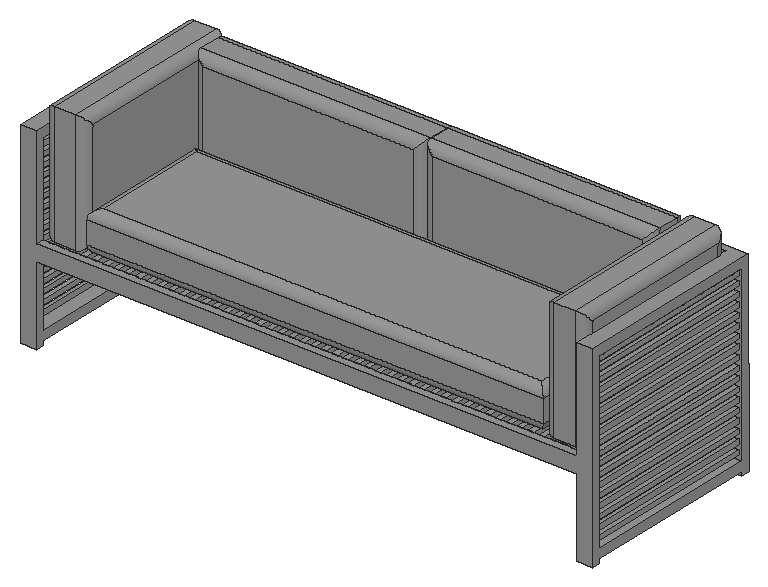
Revit family "13279 Диван «Параллель» 2 Хоббика", category Антураж, Revit 2018
Family settings
  На основе рабочей плоскости = Нет
  Всегда вертикально = Да
  При загрузке вырезать с полостями = Нет
  Источник визуального образа = Геометрия семейства
  Общий = Нет
  Точка расчета площади = Нет
Parameters (values of type "Версия лиственница")
  Ширина = 720 mm  # constant formula
  Цвет подушек = Красный
  Цвет отделки = Ангарская сосна
  Цвет каркаса = Сталь
  Описание = if(Версия ангарская сосна, "Диван «Параллель» 2. Версия ангарская сосна", "Диван «Параллель» 2. Версия лиственница")  # "Диван «Параллель» 2. Версия лиственница"
  Материал изделия = "Сталь, дерево"  # constant formula
  Изображение типоразмера = Диван «Параллель» 2 Арт 13279.jpg
  Изготовитель = "ООО «Хоббика»"  # constant formula
  Длина = 2120 mm  # constant formula
  Группа модели = "Мебель для дома и террас"  # constant formula
  Высота = 800 mm  # constant formula
  Версия лиственница = not(Версия ангарская сосна)  # yes
  Версия ангарская сосна = no
  Артикул товара = "Арт. 13279"  # constant formula
  URL = "https://hobbyka.ru/product/divan_parallel_2"
Types (3, lengths in mm): name | Описание | Версия лиственница | Версия ангарская сосна
  (no name) | "Диван «Параллель» 2. Версия лиственница" | yes | no
  Версия ангарская сосна | "Диван «Параллель» 2. Версия ангарская сосна" | no | yes
  Версия лиственница | "Диван «Параллель» 2. Версия лиственница" | yes | no
Reference planes
  plane 1 "По центру (Вперед/Назад)": y = 0
  plane 2: z = 0
  plane 3 "По центру (Влево/Вправо)": x = 0
  plane 4: x = 2120
  plane 5: y = 720
  plane 6: z = 800
Forms (mm)
  Extrusion 1, solid, material "Сталь" <- "Цвет каркаса"
    sketch origin (0, 0, 0) x (1, 0, 0) y (0, 1, 0)
      loop
        line (0, 720) -> (0, 690) -> (60, 690) -> (60, 720) -> (0, 720)
      loop
        line (0, 30) -> (0, 0) -> (60, 0) -> (60, 30) -> (0, 30)
      loop
        line (2060, 720) -> (2060, 690) -> (2120, 690) -> (2120, 720) -> (2060, 720)
      loop
        line (2060, 30) -> (2060, 0) -> (2120, 0) -> (2120, 30) -> (2060, 30)
    from 0 to 690
  Extrusion 2, solid, material "Сталь" <- "Цвет каркаса"
    sketch origin (0, 0, 0) x (1, 0, 0) y (0, 1, 0)
      loop
        line (0, 720) -> (0, 0) -> (60, 0) -> (60, 690) -> (2060, 690) -> (2060, 0) -> (2120, 0) -> (2120, 720) -> (0, 720)
    from 690 to 725
  Extrusion 3, solid, material "Сталь" <- "Цвет каркаса"
    sketch origin (0, 0, 0) x (1, 0, 0) y (0, 1, 0)
      loop
        line (0, 720) -> (0, 0) -> (60, 0) -> (60, 690) -> (2060, 690) -> (2060, 0) -> (2120, 0) -> (2120, 720) -> (0, 720)
    from 15 to 50
  Extrusion 4, solid, material "Сталь" <- "Цвет каркаса"
    sketch origin (0, 0, 0) x (0, 1, 0) y (0, 0, 1)
      loop
        line (30, 350) -> (0, 350) -> (0, 290) -> (30, 290) -> (30, 350)
    from 0 to 2120
  Sweep 5, solid, material "Ангарская сосна" <- "Цвет отделки"
    path origin (0, 0, 0) x (1, 0, 0) y (0, 1, 0)
      loop
        line (10, 30) -> (10, 710) -> (2110, 710) -> (2110, 30)
    profile origin (10, 370, 0) x (-1, 0, 0) y (0, 0, 1)
      loop
        line (0, 67.5) -> (0, 85) -> (-15, 85) -> (-15, 67.5) -> (0, 67.5)
      loop
        line (0, 102.5) -> (0, 120) -> (-15, 120) -> (-15, 102.5) -> (0, 102.5)
      loop
        line (0, 137.5) -> (0, 155) -> (-15, 155) -> (-15, 137.5) -> (0, 137.5)
      loop
        line (0, 172.5) -> (0, 190) -> (-15, 190) -> (-15, 172.5) -> (0, 172.5)
      loop
        line (0, 207.5) -> (0, 225) -> (-15, 225) -> (-15, 207.5) -> (0, 207.5)
      loop
        line (0, 242.5) -> (0, 260) -> (-15, 260) -> (-15, 242.5) -> (0, 242.5)
      loop
        line (0, 277.5) -> (0, 295) -> (-15, 295) -> (-15, 277.5) -> (0, 277.5)
      loop
        line (0, 312.5) -> (0, 330) -> (-15, 330) -> (-15, 312.5) -> (0, 312.5)
      loop
        line (0, 347.5) -> (0, 365) -> (-15, 365) -> (-15, 347.5) -> (0, 347.5)
      loop
        line (0, 382.5) -> (0, 400) -> (-15, 400) -> (-15, 382.5) -> (0, 382.5)
      loop
        line (0, 417.5) -> (0, 435) -> (-15, 435) -> (-15, 417.5) -> (0, 417.5)
      loop
        line (0, 452.5) -> (0, 470) -> (-15, 470) -> (-15, 452.5) -> (0, 452.5)
      loop
        line (0, 487.5) -> (0, 505) -> (-15, 505) -> (-15, 487.5) -> (0, 487.5)
      loop
        line (0, 522.5) -> (0, 540) -> (-15, 540) -> (-15, 522.5) -> (0, 522.5)
      loop
        line (0, 557.5) -> (0, 575) -> (-15, 575) -> (-15, 557.5) -> (0, 557.5)
      loop
        line (0, 592.5) -> (0, 610) -> (-15, 610) -> (-15, 592.5) -> (0, 592.5)
      loop
        line (0, 627.5) -> (0, 645) -> (-15, 645) -> (-15, 627.5) -> (0, 627.5)
      loop
        line (0, 662.5) -> (0, 680) -> (-15, 680) -> (-15, 662.5) -> (0, 662.5)
  Extrusion 6, solid, material "Ангарская сосна" <- "Цвет отделки"
    sketch origin (0, 0, 0) x (1, 0, 0) y (0, 0, 1)
      loop
        line (80, 350) -> (80, 330) -> (100, 330) -> (100, 350) -> (80, 350)
    from -690 to -30
  Extrusion 7, solid, material "Ангарская сосна" <- "Цвет отделки"
    sketch origin (1940, 0, 0) x (1, 0, 0) y (0, 0, 1)
      loop
        line (80, 350) -> (80, 330) -> (100, 330) -> (100, 350) -> (80, 350)
    from -690 to -30
  Extrusion 8, solid, material "Ангарская сосна" <- "Цвет отделки"
    sketch origin (40.417, 0, 0) x (1, 0, 0) y (0, 0, 1)
      loop
        line (80, 350) -> (80, 330) -> (100, 330) -> (100, 350) -> (80, 350)
    from -690 to -30
  Extrusion 9, solid, material "Ангарская сосна" <- "Цвет отделки"
    sketch origin (80.833, 0, 0) x (1, 0, 0) y (0, 0, 1)
      loop
        line (80, 350) -> (80, 330) -> (100, 330) -> (100, 350) -> (80, 350)
    from -690 to -30
  Extrusion 10, solid, material "Ангарская сосна" <- "Цвет отделки"
    sketch origin (121.25, 0, 0) x (1, 0, 0) y (0, 0, 1)
      loop
        line (80, 350) -> (80, 330) -> (100, 330) -> (100, 350) -> (80, 350)
    from -690 to -30
  Extrusion 11, solid, material "Ангарская сосна" <- "Цвет отделки"
    sketch origin (161.667, 0, 0) x (1, 0, 0) y (0, 0, 1)
      loop
        line (80, 350) -> (80, 330) -> (100, 330) -> (100, 350) -> (80, 350)
    from -690 to -30
  Extrusion 12, solid, material "Ангарская сосна" <- "Цвет отделки"
    sketch origin (202.083, 0, 0) x (1, 0, 0) y (0, 0, 1)
      loop
        line (80, 350) -> (80, 330) -> (100, 330) -> (100, 350) -> (80, 350)
    from -690 to -30
  Extrusion 13, solid, material "Ангарская сосна" <- "Цвет отделки"
    sketch origin (242.5, 0, 0) x (1, 0, 0) y (0, 0, 1)
      loop
        line (80, 350) -> (80, 330) -> (100, 330) -> (100, 350) -> (80, 350)
    from -690 to -30
  Extrusion 14, solid, material "Ангарская сосна" <- "Цвет отделки"
    sketch origin (282.917, 0, 0) x (1, 0, 0) y (0, 0, 1)
      loop
        line (80, 350) -> (80, 330) -> (100, 330) -> (100, 350) -> (80, 350)
    from -690 to -30
  Extrusion 15, solid, material "Ангарская сосна" <- "Цвет отделки"
    sketch origin (323.333, 0, 0) x (1, 0, 0) y (0, 0, 1)
      loop
        line (80, 350) -> (80, 330) -> (100, 330) -> (100, 350) -> (80, 350)
    from -690 to -30
  Extrusion 16, solid, material "Ангарская сосна" <- "Цвет отделки"
    sketch origin (363.75, 0, 0) x (1, 0, 0) y (0, 0, 1)
      loop
        line (80, 350) -> (80, 330) -> (100, 330) -> (100, 350) -> (80, 350)
    from -690 to -30
  Extrusion 17, solid, material "Ангарская сосна" <- "Цвет отделки"
    sketch origin (404.167, 0, 0) x (1, 0, 0) y (0, 0, 1)
      loop
        line (80, 350) -> (80, 330) -> (100, 330) -> (100, 350) -> (80, 350)
    from -690 to -30
  Extrusion 18, solid, material "Ангарская сосна" <- "Цвет отделки"
    sketch origin (444.583, 0, 0) x (1, 0, 0) y (0, 0, 1)
      loop
        line (80, 350) -> (80, 330) -> (100, 330) -> (100, 350) -> (80, 350)
    from -690 to -30
  Extrusion 19, solid, material "Ангарская сосна" <- "Цвет отделки"
    sketch origin (485, 0, 0) x (1, 0, 0) y (0, 0, 1)
      loop
        line (80, 350) -> (80, 330) -> (100, 330) -> (100, 350) -> (80, 350)
    from -690 to -30
  Extrusion 20, solid, material "Ангарская сосна" <- "Цвет отделки"
    sketch origin (525.417, 0, 0) x (1, 0, 0) y (0, 0, 1)
      loop
        line (80, 350) -> (80, 330) -> (100, 330) -> (100, 350) -> (80, 350)
    from -690 to -30
  Extrusion 21, solid, material "Ангарская сосна" <- "Цвет отделки"
    sketch origin (565.833, 0, 0) x (1, 0, 0) y (0, 0, 1)
      loop
        line (80, 350) -> (80, 330) -> (100, 330) -> (100, 350) -> (80, 350)
    from -690 to -30
  Extrusion 22, solid, material "Ангарская сосна" <- "Цвет отделки"
    sketch origin (606.25, 0, 0) x (1, 0, 0) y (0, 0, 1)
      loop
        line (80, 350) -> (80, 330) -> (100, 330) -> (100, 350) -> (80, 350)
    from -690 to -30
  Extrusion 23, solid, material "Ангарская сосна" <- "Цвет отделки"
    sketch origin (646.667, 0, 0) x (1, 0, 0) y (0, 0, 1)
      loop
        line (80, 350) -> (80, 330) -> (100, 330) -> (100, 350) -> (80, 350)
    from -690 to -30
  Extrusion 24, solid, material "Ангарская сосна" <- "Цвет отделки"
    sketch origin (687.083, 0, 0) x (1, 0, 0) y (0, 0, 1)
      loop
        line (80, 350) -> (80, 330) -> (100, 330) -> (100, 350) -> (80, 350)
    from -690 to -30
  Extrusion 25, solid, material "Ангарская сосна" <- "Цвет отделки"
    sketch origin (727.5, 0, 0) x (1, 0, 0) y (0, 0, 1)
      loop
        line (80, 350) -> (80, 330) -> (100, 330) -> (100, 350) -> (80, 350)
    from -690 to -30
  Extrusion 26, solid, material "Ангарская сосна" <- "Цвет отделки"
    sketch origin (767.917, 0, 0) x (1, 0, 0) y (0, 0, 1)
      loop
        line (80, 350) -> (80, 330) -> (100, 330) -> (100, 350) -> (80, 350)
    from -690 to -30
  Extrusion 27, solid, material "Ангарская сосна" <- "Цвет отделки"
    sketch origin (808.333, 0, 0) x (1, 0, 0) y (0, 0, 1)
      loop
        line (80, 350) -> (80, 330) -> (100, 330) -> (100, 350) -> (80, 350)
    from -690 to -30
  Extrusion 28, solid, material "Ангарская сосна" <- "Цвет отделки"
    sketch origin (848.75, 0, 0) x (1, 0, 0) y (0, 0, 1)
      loop
        line (80, 350) -> (80, 330) -> (100, 330) -> (100, 350) -> (80, 350)
    from -690 to -30
  Extrusion 29, solid, material "Ангарская сосна" <- "Цвет отделки"
    sketch origin (889.167, 0, 0) x (1, 0, 0) y (0, 0, 1)
      loop
        line (80, 350) -> (80, 330) -> (100, 330) -> (100, 350) -> (80, 350)
    from -690 to -30
  Extrusion 30, solid, material "Ангарская сосна" <- "Цвет отделки"
    sketch origin (929.583, 0, 0) x (1, 0, 0) y (0, 0, 1)
      loop
        line (80, 350) -> (80, 330) -> (100, 330) -> (100, 350) -> (80, 350)
    from -690 to -30
  Extrusion 31, solid, material "Ангарская сосна" <- "Цвет отделки"
    sketch origin (970, 0, 0) x (1, 0, 0) y (0, 0, 1)
      loop
        line (80, 350) -> (80, 330) -> (100, 330) -> (100, 350) -> (80, 350)
    from -690 to -30
  Extrusion 32, solid, material "Ангарская сосна" <- "Цвет отделки"
    sketch origin (1010.417, 0, 0) x (1, 0, 0) y (0, 0, 1)
      loop
        line (80, 350) -> (80, 330) -> (100, 330) -> (100, 350) -> (80, 350)
    from -690 to -30
  Extrusion 33, solid, material "Ангарская сосна" <- "Цвет отделки"
    sketch origin (1050.833, 0, 0) x (1, 0, 0) y (0, 0, 1)
      loop
        line (80, 350) -> (80, 330) -> (100, 330) -> (100, 350) -> (80, 350)
    from -690 to -30
  Extrusion 34, solid, material "Ангарская сосна" <- "Цвет отделки"
    sketch origin (1091.25, 0, 0) x (1, 0, 0) y (0, 0, 1)
      loop
        line (80, 350) -> (80, 330) -> (100, 330) -> (100, 350) -> (80, 350)
    from -690 to -30
  Extrusion 35, solid, material "Ангарская сосна" <- "Цвет отделки"
    sketch origin (1131.667, 0, 0) x (1, 0, 0) y (0, 0, 1)
      loop
        line (80, 350) -> (80, 330) -> (100, 330) -> (100, 350) -> (80, 350)
    from -690 to -30
  Extrusion 36, solid, material "Ангарская сосна" <- "Цвет отделки"
    sketch origin (1172.083, 0, 0) x (1, 0, 0) y (0, 0, 1)
      loop
        line (80, 350) -> (80, 330) -> (100, 330) -> (100, 350) -> (80, 350)
    from -690 to -30
  Extrusion 37, solid, material "Ангарская сосна" <- "Цвет отделки"
    sketch origin (1212.5, 0, 0) x (1, 0, 0) y (0, 0, 1)
      loop
        line (80, 350) -> (80, 330) -> (100, 330) -> (100, 350) -> (80, 350)
    from -690 to -30
  Extrusion 38, solid, material "Ангарская сосна" <- "Цвет отделки"
    sketch origin (1252.917, 0, 0) x (1, 0, 0) y (0, 0, 1)
      loop
        line (80, 350) -> (80, 330) -> (100, 330) -> (100, 350) -> (80, 350)
    from -690 to -30
  Extrusion 39, solid, material "Ангарская сосна" <- "Цвет отделки"
    sketch origin (1293.333, 0, 0) x (1, 0, 0) y (0, 0, 1)
      loop
        line (80, 350) -> (80, 330) -> (100, 330) -> (100, 350) -> (80, 350)
    from -690 to -30
  Extrusion 40, solid, material "Ангарская сосна" <- "Цвет отделки"
    sketch origin (1333.75, 0, 0) x (1, 0, 0) y (0, 0, 1)
      loop
        line (80, 350) -> (80, 330) -> (100, 330) -> (100, 350) -> (80, 350)
    from -690 to -30
  Extrusion 41, solid, material "Ангарская сосна" <- "Цвет отделки"
    sketch origin (1374.167, 0, 0) x (1, 0, 0) y (0, 0, 1)
      loop
        line (80, 350) -> (80, 330) -> (100, 330) -> (100, 350) -> (80, 350)
    from -690 to -30
  Extrusion 42, solid, material "Ангарская сосна" <- "Цвет отделки"
    sketch origin (1414.583, 0, 0) x (1, 0, 0) y (0, 0, 1)
      loop
        line (80, 350) -> (80, 330) -> (100, 330) -> (100, 350) -> (80, 350)
    from -690 to -30
  Extrusion 43, solid, material "Ангарская сосна" <- "Цвет отделки"
    sketch origin (1455, 0, 0) x (1, 0, 0) y (0, 0, 1)
      loop
        line (80, 350) -> (80, 330) -> (100, 330) -> (100, 350) -> (80, 350)
    from -690 to -30
  Extrusion 44, solid, material "Ангарская сосна" <- "Цвет отделки"
    sketch origin (1495.417, 0, 0) x (1, 0, 0) y (0, 0, 1)
      loop
        line (80, 350) -> (80, 330) -> (100, 330) -> (100, 350) -> (80, 350)
    from -690 to -30
  Extrusion 45, solid, material "Ангарская сосна" <- "Цвет отделки"
    sketch origin (1535.833, 0, 0) x (1, 0, 0) y (0, 0, 1)
      loop
        line (80, 350) -> (80, 330) -> (100, 330) -> (100, 350) -> (80, 350)
    from -690 to -30
  Extrusion 46, solid, material "Ангарская сосна" <- "Цвет отделки"
    sketch origin (1576.25, 0, 0) x (1, 0, 0) y (0, 0, 1)
      loop
        line (80, 350) -> (80, 330) -> (100, 330) -> (100, 350) -> (80, 350)
    from -690 to -30
  Extrusion 47, solid, material "Ангарская сосна" <- "Цвет отделки"
    sketch origin (1616.667, 0, 0) x (1, 0, 0) y (0, 0, 1)
      loop
        line (80, 350) -> (80, 330) -> (100, 330) -> (100, 350) -> (80, 350)
    from -690 to -30
  Extrusion 48, solid, material "Ангарская сосна" <- "Цвет отделки"
    sketch origin (1657.083, 0, 0) x (1, 0, 0) y (0, 0, 1)
      loop
        line (80, 350) -> (80, 330) -> (100, 330) -> (100, 350) -> (80, 350)
    from -690 to -30
  Extrusion 49, solid, material "Ангарская сосна" <- "Цвет отделки"
    sketch origin (1697.5, 0, 0) x (1, 0, 0) y (0, 0, 1)
      loop
        line (80, 350) -> (80, 330) -> (100, 330) -> (100, 350) -> (80, 350)
    from -690 to -30
  Extrusion 50, solid, material "Ангарская сосна" <- "Цвет отделки"
    sketch origin (1737.917, 0, 0) x (1, 0, 0) y (0, 0, 1)
      loop
        line (80, 350) -> (80, 330) -> (100, 330) -> (100, 350) -> (80, 350)
    from -690 to -30
  Extrusion 51, solid, material "Ангарская сосна" <- "Цвет отделки"
    sketch origin (1778.333, 0, 0) x (1, 0, 0) y (0, 0, 1)
      loop
        line (80, 350) -> (80, 330) -> (100, 330) -> (100, 350) -> (80, 350)
    from -690 to -30
  Extrusion 52, solid, material "Ангарская сосна" <- "Цвет отделки"
    sketch origin (1818.75, 0, 0) x (1, 0, 0) y (0, 0, 1)
      loop
        line (80, 350) -> (80, 330) -> (100, 330) -> (100, 350) -> (80, 350)
    from -690 to -30
  Extrusion 53, solid, material "Ангарская сосна" <- "Цвет отделки"
    sketch origin (1859.167, 0, 0) x (1, 0, 0) y (0, 0, 1)
      loop
        line (80, 350) -> (80, 330) -> (100, 330) -> (100, 350) -> (80, 350)
    from -690 to -30
  Extrusion 54, solid, material "Ангарская сосна" <- "Цвет отделки"
    sketch origin (1899.583, 0, 0) x (1, 0, 0) y (0, 0, 1)
      loop
        line (80, 350) -> (80, 330) -> (100, 330) -> (100, 350) -> (80, 350)
    from -690 to -30
Cuts and joins
  joined: Extrusion 1, Extrusion 2, Extrusion 3, Extrusion 4
Dimensions and locks
  "Ширина": plane 5 to plane 1 "По центру (Вперед/Назад)"
  "Длина": plane 4 to plane 3 "По центру (Влево/Вправо)"
  "Высота": plane 6 to plane 2
  cut or joined group of Extrusion 1, Extrusion 2, Extrusion 3, Extrusion 4 to cut or joined group of Extrusion 1, Extrusion 2, Extrusion 3, Extrusion 4 = 640 mm
  cut or joined group of Extrusion 1, Extrusion 2, Extrusion 3, Extrusion 4 to level = 350 mm
  equal spacing: group 1, group 3, group 4, group 5, group 6, group 7, group 8, group 9, group 10, group 11, group 12, group 13, group 14, group 15, group 16, group 17, group 18, group 19, group 20, group 21, group 22, group 23, group 24, group 25, group 26, group 27, group 28, group 29, group 30, group 31, group 32, group 33, group 34, group 35, group 36, group 37, group 38, group 39, group 40, group 41, group 42, group 43, group 44, group 45, group 46, group 47, group 48, group 49, group 2  (x3)
  aligned and locked: level to plane 2
Automatic sketch dimensions
  Extrusion 1 sketch curve to plane 3 "По центру (Влево/Вправо)" = 0 mm  (x2)
  plane 1 "По центру (Вперед/Назад)" to Extrusion 1 sketch curve = 0 mm  (x2)
  Extrusion 1 sketch curve to plane 5 = 0 mm  (x2)
  Extrusion 1 sketch curve to plane 4 = 0 mm  (x2)
  plane 3 "По центру (Влево/Вправо)" to Extrusion 1 sketch curve = 60 mm
  Extrusion 1 sketch curve to Extrusion 1 sketch curve = 60 mm
  Extrusion 1 sketch curve to plane 4 = 60 mm  (x2)
  Extrusion 1 sketch curve to plane 1 "По центру (Вперед/Назад)" = 30 mm  (x2)
  Extrusion 1 sketch curve to plane 5 = 30 mm  (x2)
  Extrusion 2 sketch curve to plane 3 "По центру (Влево/Вправо)" = 0 mm
  plane 1 "По центру (Вперед/Назад)" to Extrusion 2 sketch curve = 0 mm  (x2)
  Extrusion 2 sketch curve to plane 4 = 0 mm
  Extrusion 2 sketch curve to plane 5 = 0 mm
  plane 3 "По центру (Влево/Вправо)" to Extrusion 2 sketch curve = 60 mm
  Extrusion 2 sketch curve to plane 4 = 60 mm
  Extrusion 2 sketch curve to plane 5 = 30 mm
  Extrusion 3 sketch curve to plane 3 "По центру (Влево/Вправо)" = 0 mm
  plane 1 "По центру (Вперед/Назад)" to Extrusion 3 sketch curve = 0 mm  (x2)
  Extrusion 3 sketch curve to plane 4 = 0 mm
  Extrusion 3 sketch curve to plane 5 = 0 mm
  plane 3 "По центру (Влево/Вправо)" to Extrusion 3 sketch curve = 60 mm
  Extrusion 3 sketch curve to plane 4 = 60 mm
  Extrusion 3 sketch curve to plane 5 = 30 mm
  Extrusion 4 sketch curve to plane 1 "По центру (Вперед/Назад)" = 0 mm
  level to Extrusion 4 sketch curve = 290 mm
  Extrusion 4 sketch curve to Extrusion 4 sketch curve = 60 mm
  Extrusion 4 sketch curve to plane 1 "По центру (Вперед/Назад)" = 30 mm
  Sweep 5 sketch curve to profile plane = 0 mm  (x18)
  profile plane to Sweep 5 sketch curve = 15 mm  (x3)
  Sweep 5 sketch curve to Sweep 5 sketch curve = 0 mm  (x15)
  level to Sweep 5 sketch curve = 67.5 mm
  Sweep 5 sketch curve to Sweep 5 sketch curve = 17.5 mm  (x35)
  plane 3 "По центру (Влево/Вправо)" to Sweep 5 sketch curve = 10 mm
  Sweep 5 sketch curve to plane 4 = 10 mm
  Sweep 5 sketch curve to plane 5 = 10 mm
  Sweep 5 sketch curve to plane 1 "По центру (Вперед/Назад)" = 30 mm  (x2)
  Extrusion 6 sketch curve to Extrusion 6 sketch curve = 20 mm  (x2)
  Extrusion 7 sketch curve to Extrusion 7 sketch curve = 20 mm  (x2)
  Extrusion 8 sketch curve to Extrusion 8 sketch curve = 20 mm  (x2)
  Extrusion 9 sketch curve to Extrusion 9 sketch curve = 20 mm  (x2)
  Extrusion 10 sketch curve to Extrusion 10 sketch curve = 20 mm  (x2)
  Extrusion 11 sketch curve to Extrusion 11 sketch curve = 20 mm  (x2)
  Extrusion 12 sketch curve to Extrusion 12 sketch curve = 20 mm  (x2)
  Extrusion 13 sketch curve to Extrusion 13 sketch curve = 20 mm  (x2)
  Extrusion 14 sketch curve to Extrusion 14 sketch curve = 20 mm  (x2)
  Extrusion 15 sketch curve to Extrusion 15 sketch curve = 20 mm  (x2)
  Extrusion 16 sketch curve to Extrusion 16 sketch curve = 20 mm  (x2)
  Extrusion 17 sketch curve to Extrusion 17 sketch curve = 20 mm  (x2)
  Extrusion 18 sketch curve to Extrusion 18 sketch curve = 20 mm  (x2)
  Extrusion 19 sketch curve to Extrusion 19 sketch curve = 20 mm  (x2)
  Extrusion 20 sketch curve to Extrusion 20 sketch curve = 20 mm  (x2)
  Extrusion 21 sketch curve to Extrusion 21 sketch curve = 20 mm  (x2)
  Extrusion 22 sketch curve to Extrusion 22 sketch curve = 20 mm  (x2)
  Extrusion 23 sketch curve to Extrusion 23 sketch curve = 20 mm  (x2)
  Extrusion 24 sketch curve to Extrusion 24 sketch curve = 20 mm  (x2)
  Extrusion 25 sketch curve to Extrusion 25 sketch curve = 20 mm  (x2)
  Extrusion 26 sketch curve to Extrusion 26 sketch curve = 20 mm  (x2)
  Extrusion 27 sketch curve to Extrusion 27 sketch curve = 20 mm  (x2)
  Extrusion 28 sketch curve to Extrusion 28 sketch curve = 20 mm  (x2)
  Extrusion 29 sketch curve to Extrusion 29 sketch curve = 20 mm  (x2)
  Extrusion 30 sketch curve to Extrusion 30 sketch curve = 20 mm  (x2)
  Extrusion 31 sketch curve to Extrusion 31 sketch curve = 20 mm  (x2)
  Extrusion 32 sketch curve to Extrusion 32 sketch curve = 20 mm  (x2)
  Extrusion 33 sketch curve to Extrusion 33 sketch curve = 20 mm  (x2)
  Extrusion 34 sketch curve to Extrusion 34 sketch curve = 20 mm  (x2)
  Extrusion 35 sketch curve to Extrusion 35 sketch curve = 20 mm  (x2)
  Extrusion 36 sketch curve to Extrusion 36 sketch curve = 20 mm  (x2)
  Extrusion 37 sketch curve to Extrusion 37 sketch curve = 20 mm  (x2)
  Extrusion 38 sketch curve to Extrusion 38 sketch curve = 20 mm  (x2)
  Extrusion 39 sketch curve to Extrusion 39 sketch curve = 20 mm  (x2)
  Extrusion 40 sketch curve to Extrusion 40 sketch curve = 20 mm  (x2)
  Extrusion 41 sketch curve to Extrusion 41 sketch curve = 20 mm  (x2)
  Extrusion 42 sketch curve to Extrusion 42 sketch curve = 20 mm  (x2)
  Extrusion 43 sketch curve to Extrusion 43 sketch curve = 20 mm  (x2)
  Extrusion 44 sketch curve to Extrusion 44 sketch curve = 20 mm  (x2)
  Extrusion 45 sketch curve to Extrusion 45 sketch curve = 20 mm  (x2)
  Extrusion 46 sketch curve to Extrusion 46 sketch curve = 20 mm  (x2)
  Extrusion 47 sketch curve to Extrusion 47 sketch curve = 20 mm  (x2)
  Extrusion 48 sketch curve to Extrusion 48 sketch curve = 20 mm  (x2)
  Extrusion 49 sketch curve to Extrusion 49 sketch curve = 20 mm  (x2)
  Extrusion 50 sketch curve to Extrusion 50 sketch curve = 20 mm  (x2)
  Extrusion 51 sketch curve to Extrusion 51 sketch curve = 20 mm  (x2)
  Extrusion 52 sketch curve to Extrusion 52 sketch curve = 20 mm  (x2)
  Extrusion 53 sketch curve to Extrusion 53 sketch curve = 20 mm  (x2)
  Extrusion 54 sketch curve to Extrusion 54 sketch curve = 20 mm  (x2)
Nested families
  nested 1: "Подушка для дивана" at (60, 40, 350) x (0, 1, 0) z (1, 0, 0), type "Подлокотник"
    with Ширина 450 mm, Длина 650 mm, Высота 150 mm
  nested 2: "Подушка для дивана" at (2060, 690, 350) x (0, -1, 0) z (-1, 0, 0), type "Подлокотник"
    with Ширина 450 mm, Длина 650 mm, Высота 150 mm
  nested 3: "Подушка для дивана" at (210, 690, 350) x (1, 0, 0) z (0, -1, 0), type "Спинка"
    with Ширина 450 mm, Длина 850 mm, Высота 150 mm
  nested 4: "Подушка для дивана" at (1060, 690, 350) x (1, 0, 0) z (0, -1, 0), type "Спинка"
    with Ширина 450 mm, Длина 850 mm, Высота 150 mm
  nested 5: "Подушка для дивана" at (215, 40, 350), type "Сидушка"
    with Длина 1690 mm, Высота 150 mm
Definition of nested family "Подушка для дивана"
  Parameters (values of type "Подушка для дивана")
    Ширина = 500 mm
    Цвет подушки = none
    Скругление = 35 mm
    Default Elevation = 1219.2 mm
    Длина = 900 mm
    Height = 130 mm
  Reference planes
    plane 1 "По центру (Вперед/Назад)": y = 0
    plane 2: z = 0
    plane 3 "По центру (Влево/Вправо)": x = 0
    plane 4: y = 500
    plane 5: x = 900
    plane 6: z = 130
  Forms (mm)
    Extrusion 1, solid, material <- "Цвет подушки"
      sketch origin (0, 0, 0) x (1, 0, 0) y (0, 1, 0)
        loop
          line (0, 500) -> (0, 0) -> (900, 0) -> (900, 500) -> (0, 500)
      from 0 to 130
    Sweep 2, void
      path origin (0, 0, 0) x (1, 0, 0) y (0, 1, 0)
        loop
          line (0, 500) -> (0, 0) -> (900, 0) -> (900, 500) -> (0, 500)
      profile origin (450, 500, 0) x (0, 1, 0) y (0, 0, 1)
        loop
          line (0, 0) -> (0, 35)
          arc (0, 35) -> (-10.251, 10.251) -> (-35, 0) r 35
          line (-35, 0) -> (0, 0)
        loop
          line (0, 130) -> (-35, 130)
          arc (-35, 130) -> (-10.251, 119.749) -> (0, 95) r 35
          line (0, 95) -> (0, 130)
  Cuts and joins
    Sweep 2 cuts Extrusion 1
  Dimensions and locks
    "Длина": plane 3 "По центру (Влево/Вправо)" to plane 5
    "Ширина": plane 4 to plane 1 "По центру (Вперед/Назад)"
    "Height": plane 6 to plane 2
    "Скругление": Extrusion 1 to Sweep 2 sketch curve
    "Скругление": profile plane to Sweep 2 sketch curve
    "Скругление": plane 4 to Sweep 2 sketch curve
    "Скругление": plane 6 to Sweep 2 sketch curve
    "Скругление": radius of Sweep 2 sketch curve  (x2)
    aligned and locked: level to plane 2
    aligned and locked: Extrusion 1 sketch curve to plane 4
    aligned and locked: plane 3 "По центру (Влево/Вправо)" to Extrusion 1 sketch curve
    aligned and locked: Extrusion 1 sketch curve to plane 1 "По центру (Вперед/Назад)"
    aligned and locked: Extrusion 1 sketch curve to plane 5
    aligned and locked: plane 6 to Extrusion 1
    aligned and locked: Sweep 2 sketch curve to Extrusion 1  (x4)
